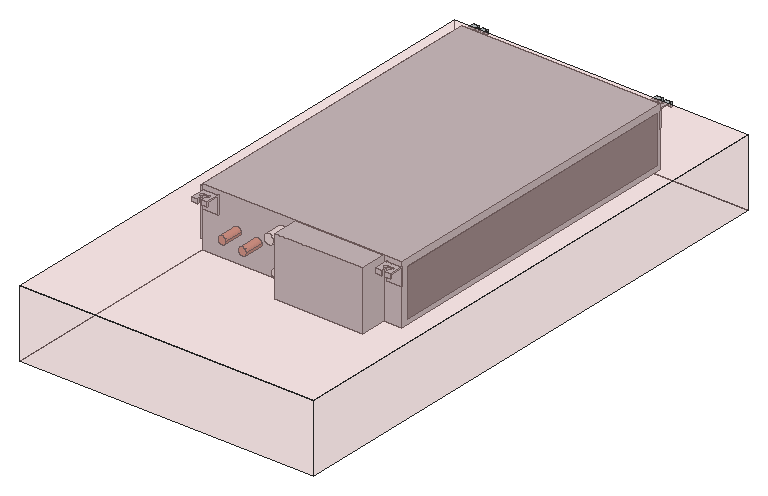
Revit family "PEFY-WP50VMS1-E_Service_Area2", category Mechanical Equipment, host Ceiling, Revit 2012
Parameters (values of type "PEFY-WP50VMS1-E_240V_60Hz")
  Description = "Ceiling concealed"
  Manufacturer = "Mitsubishi Electric Corporation"
  Model = "PEFY-WP50VMS1-E"
  Width = 1190 mm
  Water Pipe_radius (To HBC Unit) = 13.2 mm
  Water Pipe_radius (From HBC Unit) = 13.2 mm
  WarrantyStart = ""
  Voltage = 240 V
  Unit Weight (kg) = 27
  URL = "http://www.mitsubishielectric.com/"
  TagNumber = 0
  Subcategory = "HVAC"
  Space View = yes
  Sound Pressure Level_Mid (dB(A)) = 33
  Sound Pressure Level_Low (dB(A)) = 30
  Sound Pressure Level_High (dB(A)) = 36
  SerialNumber = 0
  ReplacementYear = ""
  Protection Device = "Fuse"
  Phase = 1
  Maximum Circuit Ampacity (A) = 1.07
  InstallationDate = ""
  Hertz = 60 Hz
  Height = 200 mm
  Heating Power Input (kW) = 0.07
  Heating Current (A) = 0.66
  Heating Capacity (kW) = 6.3
  Fan_Type = "Sirocco fan"
  Fan_Quantity = 4
  Fan Motor Output (kW) = 0.096
  External_static_pressure (Pa) = "5-15-35-50"
  External Finish = "Galvanized steel plate"
  Equip_description = ""
  Equip_No. = 0
  Equip_ID = ""
  Drain pipe2_radius = 16 mm
  Drain pipe1_radius = 16 mm
  Description = ""
  Depth = 700 mm
  CreatedOn = ""
  CreatedBy = ""
  Cooling Power Input (kW) = 0.09
  Cooling Current (A) = 0.77
  Cooling Capacity (kW) = 5.6
  Category = ""
  Barcode = ""
  AssetIdentifier = ""
  Airflow Rate_Mid (m3/min) = 14
  Airflow Rate_Mid (m3/h) = 840
  Airflow Rate_Low (m3/min) = 12
  Airflow Rate_Low (m3/h) = 720
  Airflow Rate_High (m3/min) = 16.5
  Airflow Rate_High (m3/h) = 990
Types (6, lengths in mm): name | Voltage | Maximum Circuit Ampacity (A) | Hertz
  PEFY-WP50VMS1-E_220V_50Hz | 220 V | 1.08 | 50 Hz
  PEFY-WP50VMS1-E_220V_60Hz | 220 V | 1.07 | 60 Hz
  PEFY-WP50VMS1-E_230V_50Hz | 230 V | 1.08 | 50 Hz
  PEFY-WP50VMS1-E_230V_60Hz | 230 V | 1.07 | 60 Hz
  PEFY-WP50VMS1-E_240V_50Hz | 240 V | 1.08 | 50 Hz
  PEFY-WP50VMS1-E_240V_60Hz | 240 V | 1.07 | 60 Hz
Reference planes
  plane 1 "Center (Front/Back)": y = 0
  plane 2: z = 0
  plane 3 "Center (Left/Right)": x = 0
  plane 4 "Ceiling": z = 4030
  plane 5: z = 4050
  plane 6: z = 4250
  plane 7: y = -550
  plane 8: y = 350
  plane 9: y = 550
  plane 10: z = 4235
  plane 11: x = 325
  plane 12: x = 350
  plane 13: x = -300
  plane 14: x = -350
  plane 15: z = 4230
  plane 16: x = -57
  plane 17: z = 4202
  plane 18: z = 4080
  plane 19: x = -211
  plane 20: x = -141
  plane 21: z = 4148
  plane 22: z = 4138
  plane 23: y = 450
  plane 24: y = -450
  plane 25: y = -500
  plane 26: y = -530
  plane 27: y = -600
  plane 28: y = -600
  plane 29: y = -600
  plane 30: y = -640
Forms (mm)
  Extrusion 1, solid, material "Plated steel"
    sketch origin (88.259, -137.375, 3750) x (1, 0, 0) y (0, 1, 0)
      loop
        line (-415.259, 687.375) -> (-415.259, -412.625) -> (261.741, -412.625) -> (261.741, 687.375) -> (-415.259, 687.375)
    from 300 to 500
  Extrusion 2, solid, material "Service space", visible <- "Space View"
    sketch origin (-2000, 6000, 4050) x (0, 1, 0) y (1, 0, 0)
      loop
        line (-7300, 1650) -> (-5450, 1650) -> (-5450, 2650) -> (-7300, 2650) -> (-7300, 1650)
    from 20 to -210
  Extrusion 3, solid
    sketch origin (0, 200, 0) x (0, 1, 0) y (0, 0, 1)
      loop
        line (-730, 4230) -> (-730, 4071) -> (330, 4071) -> (330, 4230) -> (-730, 4230)
    from 350 to 355
  Extrusion 4, solid
    sketch origin (-350, 200, 4250) x (0, 0, 1) y (0, -1, 0)
      loop
        line (-20, 730) -> (-179, 730) -> (-179, -330) -> (-20, -330) -> (-20, 730)
    from 0 to 23
  Extrusion 5, solid
    sketch origin (794.259, -550, 3750) x (-1, 0, 0) y (0, 0, -1)
      loop
        circle (851.259, -452) r 16
    from 0 to 57
  Extrusion 6, solid
    sketch origin (794.259, -550, 3750) x (-1, 0, 0) y (0, 0, -1)
      loop
        circle (851.259, -330) r 16
    from 0 to 25
  Extrusion 7, solid
    sketch origin (794.259, -550, 3750) x (-1, 0, 0) y (0, 0, -1)
      loop
        line (505.751, -500) -> (805.751, -500) -> (805.751, -300) -> (505.751, -300) -> (505.751, -500)
    from 0 to 90
  Extrusion 8, solid
    sketch origin (794.259, -550, 3750) x (-1, 0, 0) y (0, 0, -1)
      loop
        circle (1005.259, -398) r 13.2
      loop
        circle (935.259, -388) r 13.2
    from 0 to 64
Lines and regions (mm)
  model lines, visible <- "Space View"
    curve 1: line (-400, 600, 4030) -> (377, 600, 4030)
    curve 2: line (-400, -600, 4030) -> (-400, 600, 4030)
    curve 3: line (377, -600, 4030) -> (-400, -600, 4030)
    curve 4: line (377, 600, 4030) -> (377, -600, 4030)
    curve 5: line (125, -850, 4030) -> (575, -850, 4030)
    curve 6: line (125, -1300, 4030) -> (125, -850, 4030)
    curve 7: line (575, -1300, 4030) -> (125, -1300, 4030)
    curve 8: line (575, -850, 4030) -> (575, -1300, 4030)
Dimensions and locks
  equal spacing: host sketch curve, plane 3 "Center (Left/Right)", host sketch curve
  equal spacing: host sketch curve, plane 1 "Center (Front/Back)", host sketch curve
  host sketch curve to host sketch curve = 4000 mm  (x2)
  locked: plane 4 "Ceiling" to host ceiling at 0
  Extrusion 1 to Extrusion 1 = 1100 mm
  Extrusion 1 to plane 1 "Center (Front/Back)" = 550 mm
  plane 5 to Extrusion 1 = 200 mm
  plane 6 to plane 5 = 200 mm
  plane 4 "Ceiling" to plane 5 = 20 mm
  Extrusion 1 to Extrusion 1 = 677 mm
  plane 7 to plane 9 = 1100 mm
  locked: plane 10 to plane 6 at 15
  locked: plane 15 to plane 6 at 20
  locked: Extrusion 3 to plane 15 at 159
  locked: Extrusion 4 to plane 15 at 159
  plane 6 to plane 17 to plane 18 = 48 mm locked, 122 mm locked
  locked: Extrusion 7 to Extrusion 7 at 200
  plane 6 to plane 21 to plane 22 = 102 mm locked, 10 mm locked
  plane 14 to curve 4 = 727 mm
  aligned and locked: plane 5 to Extrusion 1
  aligned and locked: Extrusion 1 to plane 6
  aligned and locked: plane 7 to Extrusion 1
  aligned and locked: plane 9 to Extrusion 1
  aligned and locked: nested 1 to Extrusion 1
  aligned and locked: nested 1 to plane 13
  aligned and locked: nested 1 to plane 10
  aligned and locked: nested 2 to plane 10
  aligned and locked: plane 10 to nested 4
  aligned and locked: plane 10 to nested 3
  aligned and locked: nested 4 to plane 9
  aligned and locked: nested 3 to plane 9
  aligned and locked: Extrusion 3 to plane 15
  aligned and locked: Extrusion 4 to plane 15
  aligned and locked: plane 7 to nested 2
  aligned and locked: plane 17 to Extrusion 5
  aligned and locked: plane 18 to Extrusion 6
  aligned and locked: Extrusion 7 to plane 6
  aligned and locked: plane 21 to Extrusion 8
  aligned and locked: plane 22 to Extrusion 8
Nested families
  nested 1: "LEG" at (-300, -576, 4235), type "LEG_28"
  nested 2: "LEG" at (325, -576, 4235), type "LEG_28"
  nested 3: "LEG" at (-300, 576, 4235), type "LEG_28"
  nested 4: "LEG" at (325, 576, 4235), type "LEG_28"
Connectors
  piping at (-57, -607, 4202), driven by "Drain pipe1_radius"
    settings: on Extrusion 5, index 1, connector radius 16 mm, flow factor 0, pipe flow 0.0 L/s, pressure drop 0.0 Pa, fitting loss kfactor 0, connector angle 0.00°, fixture units 0, engagement length 0 mm, flow configuration 0, flow direction 2, fitting loss method 0, system type 22, joint type 0, gender type 0, connector reference index -1, connector utility 0, adjustable connector no, is connector primary yes, fitting loss table "", connector description "Drain pipe"
  piping at (-57, -575, 4080), driven by "Drain pipe2_radius"
    settings: on Extrusion 6, index 2, connector radius 16 mm, flow factor 0, pipe flow 0.0 L/s, pressure drop 0.0 Pa, fitting loss kfactor 0, connector angle 0.00°, fixture units 0, engagement length 0 mm, flow configuration 0, flow direction 2, fitting loss method 0, system type 22, joint type 0, gender type 0, connector reference index -1, connector utility 0, adjustable connector no, is connector primary no, fitting loss table "", connector description "Drain pipe"
  piping at (-141, -614, 4138)
    settings: on Extrusion 8, index 3, connector radius 13.2 mm, flow factor 0, pipe flow 0.0 L/s, pressure drop 0.0 Pa, fitting loss kfactor 0, connector angle 0.00°, fixture units 0, engagement length 0 mm, flow configuration 0, flow direction 1, fitting loss method 0, system type 22, joint type 0, gender type 0, connector reference index -1, connector utility 0, adjustable connector no, is connector primary no, fitting loss table "", connector description "Water pipe(From HBC unit)"
  piping at (-211, -614, 4148)
    settings: on Extrusion 8, index 4, connector radius 13.2 mm, flow factor 0, pipe flow 0.0 L/s, pressure drop 0.0 Pa, fitting loss kfactor 0, connector angle 0.00°, fixture units 0, engagement length 0 mm, flow configuration 0, flow direction 2, fitting loss method 0, system type 22, joint type 0, gender type 0, connector reference index -1, connector utility 0, adjustable connector no, is connector primary no, fitting loss table "", connector description "Water pipe(To HBC unit)"
  hvac at (355, 0, 4150.5)
    settings: on Extrusion 3, index 5, duct flow 0.0 L/s, flow factor 0, pres drop 0.0 Pa, loss coef 0, conn angle 0.00°, conn width 1060 mm, conn height 160 mm, conn radius 304.8 mm, duct sys type 1, conn prof type 1, flow config 0, flow direction 1, loss method 0, conn ref index -1, conn util no, is conn primary yes, conn desc "Air inlet"
  hvac at (-350, 0, 4150.5)
    settings: on Extrusion 4, index 6, duct flow 0.0 L/s, flow factor 0, pres drop 0.0 Pa, loss coef 0, conn angle 0.00°, conn width 1060 mm, conn height 150 mm, conn radius 304.8 mm, duct sys type 3, conn prof type 1, flow config 0, flow direction 2, loss method 0, conn ref index -1, conn util no, is conn primary no, conn desc "Air outlet"
  electrical at (288.508, -595, 4150), driven by "Phase", driven by "Voltage"
    settings: on Extrusion 7, index 7, voltage 240 V, apparent load 0 VA, apparent load phase1 0 VA, apparent load phase2 0 VA, apparent load phase3 0 VA, power factor 1, load classification "Other", number of poles 1, system type 30, power factor state 1, is connector primary yes, connector utility no, sub classification motor no, connector description ""
Definition of nested family "LEG"
  Parameters (values of type "LEG_28")
    product distance = 28 mm
  Reference planes
    plane 1 "中心(正面/背面)": y = 0
    plane 2: z = 0
    plane 3 "中心(左/右)": x = 0
    plane 4: x = -25
    plane 5: x = 25
    plane 6: y = -23
    plane 7: y = 28
    plane 8: x = -8
    plane 9: x = 8
    plane 10: x = -6
    plane 11: x = 6
  Forms (mm)
    Extrusion 1, solid, material "Plated steel"
      sketch origin (0, 0, 0) x (1, 0, 0) y (0, 1, 0)
        loop
          line (-25, 26) -> (-25, -23) -> (25, -23) -> (25, 26) -> (-25, 26)
      from 0 to -60
    Extrusion 2, void
      sketch origin (0, 0, 0) x (0, 1, 0) y (0, 0, 1)
        loop
          line (-20.7, -2.3) -> (-20.7, -15) -> (-23, -15) -> (-23, -60) -> (24, -60) -> (24, -2.3) -> (-20.7, -2.3)
      from -25 to 25
    Extrusion 3, void
      sketch origin (0, 0, 0) x (1, 0, 0) y (0, 1, 0)
        loop
          arc (-8, 7) -> (-15, 0) -> (-8, -7) r 7
          line (-8, -7) -> (-6, -7) -> (-6, -23) -> (6, -23) -> (6, -7) -> (8, -7)
          arc (8, -7) -> (15, 0) -> (8, 7) r 7
          line (8, 7) -> (-8, 7)
      from 0 to -60
  Cuts and joins
    Extrusion 2, Extrusion 3 cuts Extrusion 1
  Dimensions and locks
    locked: Extrusion 1 sketch curve to Extrusion 1 sketch curve at 50
    equal spacing: Extrusion 1 sketch curve, plane 3 "中心(左/右)", Extrusion 1 sketch curve
    locked: plane 6 to plane 1 "中心(正面/背面)" at 23
    "product distance": plane 1 "中心(正面/背面)" to plane 7
    plane 7 to Extrusion 2 sketch curve = 4 mm
    locked: cut or joined group of Extrusion 1, Extrusion 2, Extrusion 3 to cut or joined group of Extrusion 1, Extrusion 2, Extrusion 3 at 2.3  (x2)
    aligned and locked: level to plane 2
    aligned and locked: Extrusion 2 to Extrusion 1
    aligned and locked: Extrusion 1 to Extrusion 2
    aligned and locked: Extrusion 2 sketch curve to cut or joined group of Extrusion 1, Extrusion 2, Extrusion 3  (x2)
    aligned and locked: cut or joined group of Extrusion 1, Extrusion 2, Extrusion 3 to Extrusion 3 sketch curve
    aligned and locked: plane 6 to Extrusion 1 sketch curve
  Automatic sketch dimensions
    Extrusion 2 sketch curve to plane 6 = 2.3 mm
    Extrusion 2 sketch curve to level = 15 mm
    Extrusion 2 sketch curve to level = 2.3 mm
    plane 1 "中心(正面/背面)" to Extrusion 3 sketch curve = 0 mm  (x2)
    Extrusion 3 sketch curve to plane 8 = 0 mm
    Extrusion 3 sketch curve to plane 10 = 0 mm
    Extrusion 3 sketch curve to plane 11 = 0 mm
    Extrusion 3 sketch curve to plane 9 = 0 mm  (x2)
    plane 1 "中心(正面/背面)" to Extrusion 3 sketch curve = 7 mm
    plane 7 to Extrusion 1 sketch curve = 2 mm
